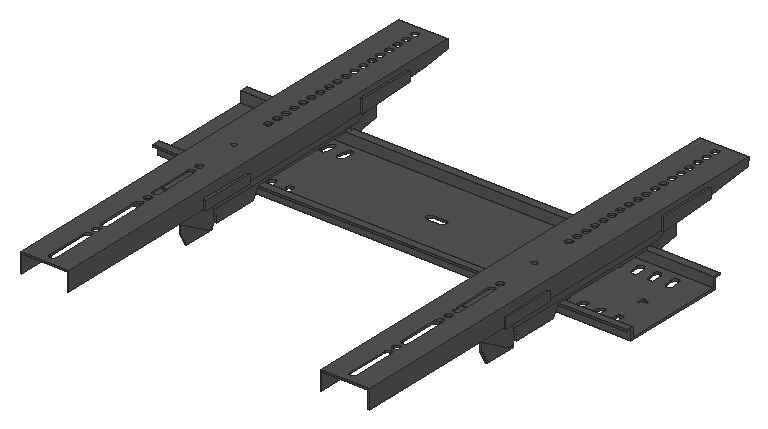
Revit family "Display_Mount-Wall-Vogels-PFW6410", category Specialty Equipment, host Face, Revit 2019
Family settings
  Host = Face
  Round Connector Dimension = Use Diameter
  Part Type = Normal
  Cut with Voids When Loaded = No
  Shared = No
  Room Calculation Point = No
Parameters (values of type "PFW 6410")
  Width = 21.65"
  Support Top Offset = 7.84"  # constant formula
  Distance Between Strips [instance] = 13.73"
  Angle Top [instance] = if([5º Tilt], 24.54°, if([10º Tilt], 43.55°, if([15º Tilt], 55.51°, 0.00°)))  # 0.00°
  URL = "https://www.vogels.com/en/p/pfw-6410-display-wall-mount-tilt"
  Rail Width = 5.35"  # constant formula
  Product Material = Metal - Painted - Vogels - Black
  Pivot Horizontal Offset [instance] = if([5º Tilt], 2.56", if([10º Tilt], 3.06", if([15º Tilt], 3.08", 1.45")))  # 1.45"
  Model = "PFW 6410"  # constant formula
  Minimum Screen Size Inches = 46.00"  # constant formula
  Maximum Weight Load = 75 kg  # constant formula
  Maximum Screen Size Inches = 65.00"  # constant formula
  Manufacturer = "Vogel´s"  # constant formula
  Pivot Vertical Offset [instance] = if([5º Tilt], 7.10", if([10º Tilt], 6.27", if([15º Tilt], 5.54", 7.51")))  # 7.51"
  Height = 21.65354"
  Description = "Display Wall Mount Tilt. Tilt in 0°, 5°, 10° and 15° Increments"
  Depth = 2.04493"
  Default Elevation = 48.00"
  Angle Bottom [instance] = if([5º Tilt], 41.70°, if([10º Tilt], 75.99°, if([15º Tilt], 101.51°, 0.00°)))  # 0.00°
  Angle [instance] = if([5º Tilt], 5.00°, if([10º Tilt], 10.00°, if([15º Tilt], 15.00°, 0.00°)))  # 0.00°
  5º Tilt [instance] = no
  15º Tilt [instance] = no
  0º Tilt [instance] = yes
  10º Tilt [instance] = no
Reference planes (in)
  plane 1 "Center (Front/Back)": y = 0
  plane 2: z = 0
  plane 3 "Center (Left/Right)": x = 0
  plane 4: x = -10.825
  plane 5: x = 10.825
  plane 6: x = -6.865
  plane 7: x = 6.865
  plane 8: z = 2.04493
  plane 9: y = 2.675
  plane 10: y = -2.675
  plane 11 "Pivot Plane Horizontal": z = 1.45
  plane 12 "Pivot Plane Vertical": y = -7.51
  plane 13: y = -13.81354
  plane 14: y = 7.84
  plane 15: y = 3.18993
  plane 16 "Anchor Pivot Plane": z = 1.45662
  plane 17: y = -5.86535
Forms (in)
  Extrusion 1, solid, material "Metal - Painted - Vogels - Black" <- "Product Material"
    sketch origin (0, 0, 0) x (0, 1, 0) y (0, 0, 1)
      loop
        line (2.39941, 0) -> (2.39941, 0.47244) -> (2.675, 0.47244) -> (2.675, 0.55118) -> (2.32067, 0.55118) -> (2.32067, 0.07874) -> (-2.32067, 0.07874) -> (-2.32067, 0.55118) -> (-2.675, 0.55118) -> (-2.675, 0.47244) -> (-2.39941, 0.47244) -> (-2.39941, 0) -> (2.39941, 0)
    from -10.825 to 10.825
  Sweep 2, void
    path origin (0, -4.15176, 0) x (-1, 0, 0) y (0, 0, 1)
      loop
        line (0, 1.45) -> (0, 0)
    profile origin (0, -4.15176, 0.725) x (0, 1, 0) y (-1, 0, 0)
      loop
        line (4.15628, 9.65785) -> (3.9988, 9.34289) -> (4.31376, 9.34289) -> (4.15628, 9.65785)
      loop
        line (6.03112, 8.78251) -> (5.64222, 8.85305)
        arc (5.64222, 8.85305) -> (5.4575, 8.72371) -> (5.58683, 8.53899) r 0.15945
        line (5.58683, 8.53899) -> (5.97421, 8.46873)
        arc (5.97421, 8.46873) -> (6.15956, 8.59716) -> (6.03112, 8.78251) r 0.15945
      loop
        line (6.0343, 7.99685) -> (5.64539, 8.06739)
        arc (5.64539, 8.06739) -> (5.46067, 7.93805) -> (5.59, 7.75333) r 0.15945
        line (5.59, 7.75333) -> (5.97738, 7.68307)
        arc (5.97738, 7.68307) -> (6.16273, 7.8115) -> (6.0343, 7.99685) r 0.15945
      loop
        line (6.03801, 7.21139) -> (5.6491, 7.28193)
        arc (5.6491, 7.28193) -> (5.46438, 7.1526) -> (5.59372, 6.96788) r 0.15945
        line (5.59372, 6.96788) -> (5.9811, 6.89761)
        arc (5.9811, 6.89761) -> (6.16644, 7.02605) -> (6.03801, 7.21139) r 0.15945
      loop
        line (6.03801, 6.42399) -> (5.6491, 6.49453)
        arc (5.6491, 6.49453) -> (5.46438, 6.36519) -> (5.59372, 6.18047) r 0.15945
        line (5.59372, 6.18047) -> (5.9811, 6.11021)
        arc (5.9811, 6.11021) -> (6.16644, 6.23864) -> (6.03801, 6.42399) r 0.15945
      loop
        line (6.03801, 5.63659) -> (5.6491, 5.70713)
        arc (5.6491, 5.70713) -> (5.46438, 5.57779) -> (5.59372, 5.39307) r 0.15945
        line (5.59372, 5.39307) -> (5.9811, 5.32281)
        arc (5.9811, 5.32281) -> (6.16644, 5.45124) -> (6.03801, 5.63659) r 0.15945
      loop
        line (6.02898, 9.59172) -> (5.64007, 9.66226)
        arc (5.64007, 9.66226) -> (5.45535, 9.53293) -> (5.58469, 9.34821) r 0.15945
        line (5.58469, 9.34821) -> (5.97207, 9.27794)
        arc (5.97207, 9.27794) -> (6.15741, 9.40638) -> (6.02898, 9.59172) r 0.15945
      loop
        line (4.15628, -9.65785) -> (4.31376, -9.34289) -> (3.9988, -9.34289) -> (4.15628, -9.65785)
      loop
        line (4.31121, -0.29528) -> (4.31121, 0.29528)
        arc (4.31121, 0.29528) -> (4.15176, 0.45472) -> (3.99231, 0.29528) r 0.15945
        line (3.99231, 0.29528) -> (3.99231, -0.29528)
        arc (3.99231, -0.29528) -> (4.15176, -0.45472) -> (4.31121, -0.29528) r 0.15945
      loop
        arc (2.2724, 8.78251) -> (2.14397, 8.59716) -> (2.32932, 8.46873) r 0.15945
        line (2.32932, 8.46873) -> (2.7167, 8.53899)
        arc (2.7167, 8.53899) -> (2.84603, 8.72371) -> (2.66131, 8.85305) r 0.15945
        line (2.66131, 8.85305) -> (2.2724, 8.78251)
      loop
        arc (2.26923, 7.99685) -> (2.1408, 7.8115) -> (2.32614, 7.68307) r 0.15945
        line (2.32614, 7.68307) -> (2.71352, 7.75333)
        arc (2.71352, 7.75333) -> (2.84286, 7.93805) -> (2.65814, 8.06739) r 0.15945
        line (2.65814, 8.06739) -> (2.26923, 7.99685)
      loop
        arc (2.26552, 7.21139) -> (2.13709, 7.02605) -> (2.32243, 6.89761) r 0.15945
        line (2.32243, 6.89761) -> (2.70981, 6.96788)
        arc (2.70981, 6.96788) -> (2.83914, 7.1526) -> (2.65442, 7.28193) r 0.15945
        line (2.65442, 7.28193) -> (2.26552, 7.21139)
      loop
        arc (2.26552, 6.42399) -> (2.13709, 6.23864) -> (2.32243, 6.11021) r 0.15945
        line (2.32243, 6.11021) -> (2.70981, 6.18047)
        arc (2.70981, 6.18047) -> (2.83914, 6.36519) -> (2.65442, 6.49453) r 0.15945
        line (2.65442, 6.49453) -> (2.26552, 6.42399)
      loop
        arc (2.26552, 5.63659) -> (2.13709, 5.45124) -> (2.32243, 5.32281) r 0.15945
        line (2.32243, 5.32281) -> (2.70981, 5.39307)
        arc (2.70981, 5.39307) -> (2.83914, 5.57779) -> (2.65442, 5.70713) r 0.15945
        line (2.65442, 5.70713) -> (2.26552, 5.63659)
      loop
        arc (2.27455, 9.59172) -> (2.14611, 9.40638) -> (2.33146, 9.27794) r 0.15945
        line (2.33146, 9.27794) -> (2.71884, 9.34821)
        arc (2.71884, 9.34821) -> (2.84817, 9.53293) -> (2.66345, 9.66226) r 0.15945
        line (2.66345, 9.66226) -> (2.27455, 9.59172)
      loop
        arc (6.03112, -8.78251) -> (6.15956, -8.59716) -> (5.97421, -8.46873) r 0.15945
        line (5.97421, -8.46873) -> (5.58683, -8.53899)
        arc (5.58683, -8.53899) -> (5.4575, -8.72371) -> (5.64222, -8.85305) r 0.15945
        line (5.64222, -8.85305) -> (6.03112, -8.78251)
      loop
        arc (6.0343, -7.99685) -> (6.16273, -7.8115) -> (5.97738, -7.68307) r 0.15945
        line (5.97738, -7.68307) -> (5.59, -7.75333)
        arc (5.59, -7.75333) -> (5.46067, -7.93805) -> (5.64539, -8.06739) r 0.15945
        line (5.64539, -8.06739) -> (6.0343, -7.99685)
      loop
        arc (6.03801, -7.21139) -> (6.16644, -7.02605) -> (5.9811, -6.89761) r 0.15945
        line (5.9811, -6.89761) -> (5.59372, -6.96788)
        arc (5.59372, -6.96788) -> (5.46438, -7.1526) -> (5.6491, -7.28193) r 0.15945
        line (5.6491, -7.28193) -> (6.03801, -7.21139)
      loop
        arc (6.03801, -6.42399) -> (6.16644, -6.23864) -> (5.9811, -6.11021) r 0.15945
        line (5.9811, -6.11021) -> (5.59372, -6.18047)
        arc (5.59372, -6.18047) -> (5.46438, -6.36519) -> (5.6491, -6.49453) r 0.15945
        line (5.6491, -6.49453) -> (6.03801, -6.42399)
      loop
        arc (6.03801, -5.63659) -> (6.16644, -5.45124) -> (5.9811, -5.32281) r 0.15945
        line (5.9811, -5.32281) -> (5.59372, -5.39307)
        arc (5.59372, -5.39307) -> (5.46438, -5.57779) -> (5.6491, -5.70713) r 0.15945
        line (5.6491, -5.70713) -> (6.03801, -5.63659)
      loop
        arc (6.02898, -9.59172) -> (6.15741, -9.40638) -> (5.97207, -9.27794) r 0.15945
        line (5.97207, -9.27794) -> (5.58469, -9.34821)
        arc (5.58469, -9.34821) -> (5.45535, -9.53293) -> (5.64007, -9.66226) r 0.15945
        line (5.64007, -9.66226) -> (6.02898, -9.59172)
      loop
        line (2.2724, -8.78251) -> (2.66131, -8.85305)
        arc (2.66131, -8.85305) -> (2.84603, -8.72371) -> (2.7167, -8.53899) r 0.15945
        line (2.7167, -8.53899) -> (2.32932, -8.46873)
        arc (2.32932, -8.46873) -> (2.14397, -8.59716) -> (2.2724, -8.78251) r 0.15945
      loop
        line (2.26923, -7.99685) -> (2.65814, -8.06739)
        arc (2.65814, -8.06739) -> (2.84286, -7.93805) -> (2.71352, -7.75333) r 0.15945
        line (2.71352, -7.75333) -> (2.32614, -7.68307)
        arc (2.32614, -7.68307) -> (2.1408, -7.8115) -> (2.26923, -7.99685) r 0.15945
      loop
        line (2.26552, -7.21139) -> (2.65442, -7.28193)
        arc (2.65442, -7.28193) -> (2.83914, -7.1526) -> (2.70981, -6.96788) r 0.15945
        line (2.70981, -6.96788) -> (2.32243, -6.89761)
        arc (2.32243, -6.89761) -> (2.13709, -7.02605) -> (2.26552, -7.21139) r 0.15945
      loop
        line (2.26552, -6.42399) -> (2.65442, -6.49453)
        arc (2.65442, -6.49453) -> (2.83914, -6.36519) -> (2.70981, -6.18047) r 0.15945
        line (2.70981, -6.18047) -> (2.32243, -6.11021)
        arc (2.32243, -6.11021) -> (2.13709, -6.23864) -> (2.26552, -6.42399) r 0.15945
      loop
        line (2.26552, -5.63659) -> (2.65442, -5.70713)
        arc (2.65442, -5.70713) -> (2.83914, -5.57779) -> (2.70981, -5.39307) r 0.15945
        line (2.70981, -5.39307) -> (2.32243, -5.32281)
        arc (2.32243, -5.32281) -> (2.13709, -5.45124) -> (2.26552, -5.63659) r 0.15945
      loop
        line (2.27455, -9.59172) -> (2.66345, -9.66226)
        arc (2.66345, -9.66226) -> (2.84817, -9.53293) -> (2.71884, -9.34821) r 0.15945
        line (2.71884, -9.34821) -> (2.33146, -9.27794)
        arc (2.33146, -9.27794) -> (2.14611, -9.40638) -> (2.27455, -9.59172) r 0.15945
Cuts and joins
  Sweep 2 cuts Extrusion 1
Lines and regions (in)
  reference lines
    curve 1: line (0, -7.51, 1.45) -> (0, -2.51, 1.45)
    curve 2: line (0, -7.51, 1.45) -> (0, -7.51, 6.45)
    curve 3: line (0, 3.18993, 1.45662) -> (0, -0.85973, 1.45662)
    curve 4: line (0, 3.18993, 1.45662) -> (0, 3.18993, 3.16035)
    curve 5: line (0, -5.86535, 1.45662) -> (0, -8.40309, 1.45662)
    curve 6: line (0, -5.86535, 1.45662) -> (0, -5.86535, 3.70662)
Dimensions and locks (in)
  equal spacing: plane 4, plane 3 "Center (Left/Right)", plane 5
  "Width": plane 4 to plane 5
  "Depth": plane 8 to plane 2
  equal spacing: plane 9, plane 1 "Center (Front/Back)", plane 10
  "Rail Width": plane 9 to plane 10
  locked: plane 1 "Center (Front/Back)" to plane 14 at 7.84
  "Height": plane 13 to plane 14
  Extrusion 1 sketch curve to Extrusion 1 sketch curve to plane 10 = 0.07874" locked, 0.27559" locked
  plane 9 to Extrusion 1 sketch curve to Extrusion 1 sketch curve = 0.27559" locked, 0.07874" locked
  "Pivot Vertical Offset": plane 1 "Center (Front/Back)" to plane 12 "Pivot Plane Vertical"
  "Pivot Horizontal Offset": plane 11 "Pivot Plane Horizontal" to plane 2
  locked: plane 2 to plane 16 "Anchor Pivot Plane" at 1.45662
  plane 15 to plane 1 "Center (Front/Back)" to plane 17 = 3.18993" locked, 5.86535" locked
  equal spacing: plane 6, plane 3 "Center (Left/Right)", plane 7
  "Distance Between Strips": plane 6 to plane 7
  locked: curve 1 to curve 2 (angle 90.00°)
  "Angle": angle plane 11 "Pivot Plane Horizontal" to curve 1
  "Angle Top": angle plane 16 "Anchor Pivot Plane" to curve 3
  locked: curve 3 to curve 4 (angle 90.00°)
  "Angle Bottom": angle plane 16 "Anchor Pivot Plane" to curve 5
  locked: curve 5 to curve 6 (angle 90.00°)
  aligned and locked: plane 2 to host face
  aligned and locked: level to host face
  aligned and locked: Extrusion 1 to plane 4
  aligned and locked: Extrusion 1 to plane 5
  aligned and locked: plane 7 to nested 1
  aligned and locked: nested 2 to plane 6
  aligned and locked: nested 3 to plane 6
  aligned and locked: plane 7 to nested 4
  aligned and locked: plane 3 "Center (Left/Right)" to Sweep 2 sketch curve
  aligned and locked: plane 11 "Pivot Plane Horizontal" to Sweep 2 sketch curve
  aligned and locked: plane 2 to Sweep 2 sketch curve
  aligned and locked: plane 9 to Extrusion 1 sketch curve
  aligned and locked: Extrusion 1 sketch curve to plane 10
  aligned and locked: plane 15 to curve 3
  aligned and locked: plane 16 "Anchor Pivot Plane" to curve 3
  aligned and locked: plane 16 "Anchor Pivot Plane" to curve 6
  aligned and locked: plane 17 to curve 6
  aligned and locked: nested 5 to curve 4
  aligned and locked: curve 6 to nested 6
  aligned and locked: nested 5 to plane 6
  aligned and locked: nested 6 to plane 6
  aligned and locked: nested 7 to curve 4
  aligned and locked: curve 6 to nested 8
  aligned and locked: plane 7 to nested 7
  aligned and locked: plane 7 to nested 8
  aligned and locked: plane 12 "Pivot Plane Vertical" to curve 2
  aligned and locked: nested 2 to curve 2
  aligned and locked: plane 11 "Pivot Plane Horizontal" to curve 1
Automatic sketch dimensions
  host sketch curve to host sketch curve = 96.00"  (x2)
  Extrusion 1 sketch curve to level = 0.00"
  level to Extrusion 1 sketch curve = 0.07874"
  Extrusion 1 sketch curve to Extrusion 1 sketch curve = 0.3937"
  level to Extrusion 1 sketch curve = 0.47244"
  Extrusion 1 sketch curve to Extrusion 1 sketch curve = 0.07874"  (x2)
  profile plane to Sweep 2 sketch curve = 2.26552"  (x2)
  Sweep 2 sketch curve to Sweep 2 sketch curve = 0.00"  (x8)
  Sweep 2 sketch curve to Sweep 2 sketch curve = 0.00371"  (x6)
  Sweep 2 sketch curve to Sweep 2 sketch curve = 0.00317"  (x4)
  Sweep 2 sketch curve to Sweep 2 sketch curve = 0.00214"  (x4)
  Sweep 2 sketch curve to Sweep 2 sketch curve = 0.02846"  (x48)
  Sweep 2 sketch curve to Sweep 2 sketch curve = 0.38891"  (x12)
  Sweep 2 sketch curve to Sweep 2 sketch curve = 0.02769"  (x48)
  profile plane to Sweep 2 sketch curve = 0.29528"
  profile plane to Sweep 2 sketch curve = 3.99231"
  Sweep 2 sketch curve to Sweep 2 sketch curve = 1.27996"  (x2)
  Sweep 2 sketch curve to Sweep 2 sketch curve = 0.15945"
  Sweep 2 sketch curve to Sweep 2 sketch curve = 0.15748"  (x2)
  Sweep 2 sketch curve to Sweep 2 sketch curve = 0.31496"  (x4)
  Sweep 2 sketch curve to Sweep 2 sketch curve = 1.27092"  (x2)
  Sweep 2 sketch curve to Sweep 2 sketch curve = 0.38738"  (x12)
  Sweep 2 sketch curve to Sweep 2 sketch curve = 5.02753"  (x2)
  Sweep 2 sketch curve to Sweep 2 sketch curve = 0.07026"  (x24)
  Sweep 2 sketch curve to Sweep 2 sketch curve = 0.15689"  (x24)
  Sweep 2 sketch curve to Sweep 2 sketch curve = 0.15703"  (x24)
  Sweep 2 sketch curve to Sweep 2 sketch curve = 0.47362"  (x8)
  Sweep 2 sketch curve to Sweep 2 sketch curve = 0.47168"  (x4)
  Sweep 2 sketch curve to Sweep 2 sketch curve = 0.47188"  (x4)
  Sweep 2 sketch curve to Sweep 2 sketch curve = 0.49544"  (x4)
  Sweep 2 sketch curve to Sweep 2 sketch curve = 0.48984"  (x2)
  Sweep 2 sketch curve to profile plane = 0.29528"
Nested families (in)
  nested 1: "Display_Mount-Wall-Vogels-PFW6410-Tilt_Bracket" at (6.865, -7.51, 1.45), Product Material <- "Product Material", type "Tilt Bracket"
    with Product Material Metal - Painted - Vogels - Black
  nested 2: "Display_Mount-Wall-Vogels-PFW6410-Tilt_Bracket" at (-6.865, -7.51, 1.45), Product Material <- "Product Material", type "Tilt Bracket"
    with Product Material Metal - Painted - Vogels - Black
  nested 3: "Display_Mount-Wall-Vogels-PFW6410-Support_Bracket" at (-6.865, -0.00472, 0), Product Material <- "Product Material", type "Support"
    with Product Material Metal - Painted - Vogels - Black
  nested 4: "Display_Mount-Wall-Vogels-PFW6410-Support_Bracket" at (6.865, -0.00472, 0), Product Material <- "Product Material", type "Support"
    with Product Material Metal - Painted - Vogels - Black
  nested 5: "Display_Mount-Wall-Vogels-PFW6410-Upper_Pivot" at (-6.865, 3.18993, 1.45662), Product Material <- "Product Material", type "Upper Pivot Anchor"
    with Product Material Metal - Painted - Vogels - Black
  nested 6: "Display_Mount-Wall-Vogels-PFW6410-Lower_Pivot" at (-6.865, -5.86535, 1.45662), Product Material <- "Product Material", type "Lower Pivot Anchor"
    with Product Material Metal - Painted - Vogels - Black
  nested 7: "Display_Mount-Wall-Vogels-PFW6410-Upper_Pivot" at (6.865, 3.18993, 1.45662), Product Material <- "Product Material", type "Upper Pivot Anchor"
    with Product Material Metal - Painted - Vogels - Black
  nested 8: "Display_Mount-Wall-Vogels-PFW6410-Lower_Pivot" at (6.865, -5.86535, 1.45662), Product Material <- "Product Material", type "Lower Pivot Anchor"
    with Product Material Metal - Painted - Vogels - Black
Definition of nested family "Display_Mount-Wall-Vogels-PFW6410-Tilt_Bracket"
  Parameters (values of type "Tilt Bracket")
    Default Elevation = 48.00"
    Product Material [instance] = none
  Reference planes (in)
    plane 1 "Center (Front/Back)": y = 0
    plane 2: z = 0
    plane 3 "Center (Left/Right)": x = 0
    plane 4 "Display Plane": z = 0.59055
    plane 5: y = 15.35433
    plane 6: y = -6.29921
    plane 7: x = -1.11417
    plane 8: x = 1.11417
    plane 9: z = -0.26575
    plane 10: y = 6.65354
  Forms (in)
    Sweep 1, solid, material <- "Product Material"
      path origin (0, 0, 0) x (1, 0, 0) y (0, 1, 0)
        loop
          line (0, 15.35433) -> (0, -6.29921)
      profile origin (0, 4.52756, 0) x (1, 0, 0) y (0, 0, 1)
        loop
          line (-1.11417, 0.59055) -> (-1.11417, -0.26575) -> (-1.05512, -0.26575) -> (-1.05512, 0.5315) -> (1.05512, 0.5315) -> (1.05512, -0.26575) -> (1.11417, -0.26575) -> (1.11417, 0.59055) -> (-1.11417, 0.59055)
    Extrusion 2, void
      sketch origin (0, 0, 0) x (0, 1, 0) y (0, 0, 1)
        loop
          line (15.35433, 0.16782) -> (14.14792, 0.04103)
          arc (14.14792, 0.04103) -> (11.22514, -0.189) -> (8.29433, -0.26575) r 56
          line (8.29433, -0.26575) -> (15.35433, -0.26575) -> (15.35433, 0.16782)
      from -1.6186 to 1.54871
    Extrusion 3, void
      sketch origin (0, 0, 0) x (1, 0, 0) y (0, 1, 0)
        loop
          line (-0.15748, 4.52756) -> (0, 4.40945) -> (0.15748, 4.52756) -> (0, 4.64567) -> (-0.15748, 4.52756)
        loop
          circle (0, 14.86278) r 0.16073
        loop
          circle (0, 14.37086) r 0.16073
        loop
          circle (0, 13.87894) r 0.16073
        loop
          circle (0, 13.38701) r 0.16073
        loop
          circle (0, 12.89509) r 0.16073
        loop
          circle (0, 12.40317) r 0.16073
        loop
          circle (0, 11.91125) r 0.16073
        loop
          circle (0, 11.41932) r 0.16073
        loop
          circle (0, 10.9274) r 0.16073
        loop
          circle (0, 10.43548) r 0.16073
        loop
          circle (0, 9.94355) r 0.16073
        loop
          circle (0, 9.45163) r 0.16073
        loop
          circle (0, 8.95971) r 0.16073
        loop
          circle (0, 8.46779) r 0.16073
        loop
          circle (0, 7.97586) r 0.16073
        loop
          circle (0, 7.48394) r 0.16073
        loop
          circle (0, 6.99202) r 0.16073
        loop
          circle (0, 6.50009) r 0.16073
        loop
          circle (0, 2.5591) r 0.16073
        loop
          arc (0.16073, 2.06718) -> (0, 2.22791) -> (-0.16073, 2.06718) r 0.16073
          line (-0.16073, 2.06718) -> (-0.16073, 0.09761)
          arc (-0.16073, 0.09761) -> (0, -0.06312) -> (0.16073, 0.09761) r 0.16073
          line (0.16073, 0.09761) -> (0.16073, 2.06718)
        loop
          circle (0, -0.39431) r 0.16073
        loop
          arc (0.16073, -0.88623) -> (0, -0.7255) -> (-0.16073, -0.88623) r 0.16073
          line (-0.16073, -0.88623) -> (-0.16073, -2.8558)
          arc (-0.16073, -2.8558) -> (0, -3.01653) -> (0.16073, -2.8558) r 0.16073
          line (0.16073, -2.8558) -> (0.16073, -0.88623)
        loop
          circle (0, -3.34772) r 0.16073
        loop
          arc (0.16073, -3.83964) -> (0, -3.67891) -> (-0.16073, -3.83964) r 0.16073
          line (-0.16073, -3.83964) -> (-0.16073, -5.80921)
          arc (-0.16073, -5.80921) -> (0, -5.96994) -> (0.16073, -5.80921) r 0.16073
          line (0.16073, -5.80921) -> (0.16073, -3.83964)
      from 0 to 0.59055
    Extrusion 4, solid, material <- "Product Material"
      sketch origin (0, 0, 0) x (1, 0, 0) y (0, 1, 0)
        loop
          line (-1.25197, 13.01181) -> (-1.25197, 10.33465) -> (-1.11417, 10.33465) -> (-1.11417, 13.01181) -> (-1.25197, 13.01181)
        loop
          line (1.25197, 13.01181) -> (1.11417, 13.01181) -> (1.11417, 10.33465) -> (1.25197, 10.33465) -> (1.25197, 13.01181)
      from -0.26575 to 0.37402
    Extrusion 5, solid, material <- "Product Material"
      sketch origin (0, 0, 0) x (1, 0, 0) y (0, 1, 0)
        loop
          line (-1.23228, 3.85868) -> (-1.23228, 1.36207) -> (-1.11417, 1.36207) -> (-1.11417, 3.85868) -> (-1.23228, 3.85868)
        loop
          line (1.23228, 3.85868) -> (1.11417, 3.85868) -> (1.11417, 1.36207) -> (1.23228, 1.36207) -> (1.23228, 3.85868)
      from -0.26575 to 0.16732
  Cuts and joins
    Extrusion 2, Extrusion 3 cuts Sweep 1
    Extrusion 2 cuts Extrusion 4
    joined: Sweep 1, Extrusion 4, Extrusion 5
  Dimensions and locks (in)
    locked: plane 6 to plane 1 "Center (Front/Back)" at 6.29921
    locked: plane 6 to plane 5 at 21.65354
    equal spacing: plane 8, plane 3 "Center (Left/Right)", plane 7
    plane 8 to plane 7 = 2.22835"
    locked: plane 10 to plane 1 "Center (Front/Back)" at 6.65354
    aligned and locked: level to plane 2
    aligned and locked: Sweep 1 sketch curve to plane 3 "Center (Left/Right)"
    aligned and locked: plane 5 to Sweep 1 sketch curve
    aligned and locked: plane 6 to Sweep 1 sketch curve
    aligned and locked: Sweep 1 sketch curve to plane 4 "Display Plane"
    aligned and locked: plane 7 to Sweep 1 sketch curve
    aligned and locked: plane 8 to Sweep 1 sketch curve
    aligned and locked: plane 9 to Sweep 1 sketch curve  (x2)
    aligned and locked: plane 4 "Display Plane" to Extrusion 3
    aligned and locked: Extrusion 3 to level
    aligned and locked: Extrusion 4 sketch curve to plane 7
    aligned and locked: plane 8 to Extrusion 4 sketch curve
    aligned and locked: Extrusion 4 to plane 9
    aligned and locked: plane 5 to Extrusion 2 sketch curve
  Automatic sketch dimensions
    Sweep 1 sketch curve to Sweep 1 sketch curve = 0.05906"  (x3)
    Extrusion 2 sketch curve to plane 9 = 0.00"  (x2)
    level to Extrusion 2 sketch curve = 0.04103"
    plane 5 to Extrusion 2 sketch curve = 1.20641"
    plane 5 to Extrusion 2 sketch curve = 7.06"
    level to Extrusion 2 sketch curve = 0.16782"
    Extrusion 2 sketch curve to Extrusion 2 sketch curve = 0.00"
    Extrusion 3 sketch curve to plane 3 "Center (Left/Right)" = 0.00"  (x26)
    Extrusion 3 sketch curve to plane 3 "Center (Left/Right)" = 0.15748"
    Extrusion 3 sketch curve to plane 3 "Center (Left/Right)" = 0.16073"  (x3)
    plane 3 "Center (Left/Right)" to Extrusion 3 sketch curve = 0.15748"
    Extrusion 3 sketch curve to plane 6 = 0.49001"
    Extrusion 3 sketch curve to Extrusion 3 sketch curve = 1.96956"  (x2)
    Extrusion 3 sketch curve to Extrusion 3 sketch curve = 0.49192"  (x19)
    plane 1 "Center (Front/Back)" to Extrusion 3 sketch curve = 0.88623"
    plane 1 "Center (Front/Back)" to Extrusion 3 sketch curve = 0.39431"
    Extrusion 3 sketch curve to plane 1 "Center (Front/Back)" = 0.09761"
    Extrusion 3 sketch curve to Extrusion 3 sketch curve = 1.85035"
    Extrusion 3 sketch curve to Extrusion 3 sketch curve = 0.11811"  (x3)
    Extrusion 3 sketch curve to Extrusion 3 sketch curve = 1.85443"
    plane 5 to Extrusion 3 sketch curve = 0.49155"
    Extrusion 4 sketch curve to plane 7 = 0.1378"
    Extrusion 4 sketch curve to plane 8 = 0.1378"
    plane 5 to Extrusion 4 sketch curve = 5.01969"
    Extrusion 4 sketch curve to Extrusion 4 sketch curve = 0.00"
    plane 5 to Extrusion 4 sketch curve = 2.34252"  (x2)
    Extrusion 5 sketch curve to plane 7 = 0.00"
    Extrusion 5 sketch curve to plane 8 = 0.00"
    Extrusion 5 sketch curve to plane 7 = 0.11811"
    Extrusion 5 sketch curve to plane 8 = 0.11811"
    Extrusion 5 sketch curve to plane 1 "Center (Front/Back)" = 1.36207"  (x2)
    Extrusion 5 sketch curve to Extrusion 5 sketch curve = 2.49661"
    Extrusion 5 sketch curve to Extrusion 5 sketch curve = 0.00"
    radius of Extrusion 3 sketch curve = 0.16073"  (x21)
Definition of nested family "Display_Mount-Wall-Vogels-PFW6410-Support_Bracket"
  Parameters (values of type "Support")
    URL = ""
    Product Material [instance] = none
    Model = ""
    Manufacturer = ""
    Description = ""
    Default Elevation = 48.00"
  Reference planes (in)
    plane 1 "Center (Front/Back)": y = 0
    plane 2: z = 0
    plane 3 "Center (Left/Right)": x = 0
    plane 4: x = -0.95669
    plane 5: x = 0.95669
    plane 6: z = 1.77165
    plane 7: z = 1.45438
    plane 8 "Pivot Plane Vertical 2": y = -5.86063
    plane 9 "Pivot Plane Vertical 1": y = 3.19465
  Forms (in)
    Extrusion 1, solid
      sketch origin (0, 0, 0) x (1, 0, 0) y (0, 1, 0)
        loop
          line (-48, 48) -> (-48, -48) -> (48, -48) -> (48, 48) -> (-48, 48)
      from 0 to -12
    Extrusion 2, solid, material <- "Product Material"
      sketch origin (0, 0, 0) x (0, 1, 0) y (0, 0, 1)
        loop
          line (2.89937, 0.76772) -> (3.58835, 1.1655) -> (3.58835, 1.45669)
          arc (3.58835, 1.45669) -> (3.4961, 1.6794) -> (3.27339, 1.77165) r 0.31496
          line (3.27339, 1.77165) -> (3.00296, 1.77165) -> (2.88566, 1.67323) -> (-6.76598, 1.67323) -> (-6.76598, 1.7126) -> (-7.19905, 1.7126) -> (-7.19905, 0.59055) -> (-6.8581, 0) -> (-5.4274, 0) -> (-5.4274, 0.76772) -> (2.89937, 0.76772)
      from -0.95669 to 0.95669
    Extrusion 3, solid, material <- "Product Material"
      sketch origin (0, 0, 0) x (1, 0, 0) y (0, 0, 1)
        loop
          line (0.95669, 1.77165) -> (-0.95669, 1.77165) -> (-0.95669, 1.67323) -> (-0.89764, 1.67323) -> (-0.89764, 1.7126) -> (0.89764, 1.7126) -> (0.89764, 1.67323) -> (0.95669, 1.67323) -> (0.95669, 1.77165)
      from -2.44662 to 6.6085
    Extrusion 4, void
      sketch origin (0, 0, 0) x (1, 0, 0) y (0, 0, 1)
        loop
          line (-0.89764, 0) -> (0.89764, 0) -> (0.89764, 1.77165) -> (-0.89764, 1.77165) -> (-0.89764, 0)
      from 0 to 7.19905
    Extrusion 5, solid, material <- "Product Material"
      sketch origin (0, 0, 0) x (0, 1, 0) y (0, 0, 1)
        loop
          line (4.01181, 0.41941) -> (4.01181, 1.77165) -> (2.67717, 1.77165) -> (2.59843, 1.69291) -> (0.90779, 1.69291) -> (0.48456, 1.26969) -> (-4.92021, 1.26969) -> (-5.25753, 1.32916) -> (-5.39637, 0.54176) -> (-5.05906, 0.48228) -> (-5.05906, 0.07874) -> (-3.01411, 0.07874) -> (-2.72998, 0.57087) -> (2.33071, 0.57087) -> (2.33071, 0.66929) -> (2.67717, 0.66929) -> (2.67717, 0.4682) -> (2.50787, 0.43701) -> (2.50787, 0.2417)
          arc (2.50787, 0.2417) -> (2.53625, 0.18346) -> (2.59895, 0.16713) r 0.07748
          line (2.59895, 0.16713) -> (4.01181, 0.41941)
      from -0.87795 to 0.87795
  Cuts and joins
    Extrusion 4 cuts Extrusion 2
    joined: Extrusion 2, Extrusion 3, Extrusion 5
  Lines and regions (in)
    symbolic lines
      curve 1: line (0, -6.32813, 0.5339) -> (0, -6.53285, 0.5339)
      curve 2: line (0, -6.43049, 0.63627) -> (0, -6.43049, 0.43154)
      curve 3: line (0, -6.74797, 1.01579) -> (0, -6.9527, 1.01579)
      curve 4: line (0, -6.85034, 1.11816) -> (0, -6.85034, 0.91343)
      curve 5: line (0, -6.84035, 1.48509) -> (0, -7.04507, 1.48509)
      curve 6: line (0, -6.94271, 1.58745) -> (0, -6.94271, 1.38272)
  Dimensions and locks (in)
    equal spacing: plane 4, plane 3 "Center (Left/Right)", plane 5
    locked: plane 4 to plane 5 at 1.91339
    equal spacing: Extrusion 4 sketch curve, plane 3 "Center (Left/Right)", Extrusion 4 sketch curve
    locked: Extrusion 4 sketch curve to Extrusion 4 sketch curve at 1.79528
    locked: plane 1 "Center (Front/Back)" to plane 8 "Pivot Plane Vertical 2" at 5.86063
    aligned and locked: plane 2 to Extrusion 1
    aligned and locked: level to Extrusion 1
    aligned and locked: plane 2 to Extrusion 2 sketch curve
    aligned and locked: Extrusion 4 sketch curve to plane 2
    aligned and locked: plane 6 to Extrusion 5 sketch curve
    aligned and locked: Extrusion 3 sketch curve to plane 4
    aligned and locked: plane 5 to Extrusion 3 sketch curve
    aligned and locked: Extrusion 4 to Extrusion 2
  Automatic sketch dimensions
    Extrusion 1 sketch curve to Extrusion 1 sketch curve = 96.00"  (x2)
    Extrusion 4 sketch curve to Extrusion 4 sketch curve = 1.77165"
    Extrusion 5 sketch curve to plane 8 "Pivot Plane Vertical 2" = 0.46426"
    plane 7 to Extrusion 5 sketch curve = 0.12521"
    Extrusion 5 sketch curve to Extrusion 5 sketch curve = 2.04495"
    level to Extrusion 5 sketch curve = 0.07874"
    plane 6 to Extrusion 5 sketch curve = 0.07874"
    Extrusion 5 sketch curve to Extrusion 5 sketch curve = 0.17717"
    plane 9 "Pivot Plane Vertical 1" to Extrusion 5 sketch curve = 0.59622"
    Extrusion 5 sketch curve to Extrusion 5 sketch curve = 0.07746"
    level to Extrusion 5 sketch curve = 0.16713"
    Extrusion 5 sketch curve to Extrusion 5 sketch curve = 0.01362"
    Extrusion 5 sketch curve to Extrusion 5 sketch curve = 0.07627"
    Extrusion 5 sketch curve to Extrusion 5 sketch curve = 0.19531"
    Extrusion 5 sketch curve to Extrusion 5 sketch curve = 0.05948"
    Extrusion 5 sketch curve to Extrusion 5 sketch curve = 0.16929"
    Extrusion 5 sketch curve to Extrusion 5 sketch curve = 0.03119"
    Extrusion 5 sketch curve to Extrusion 5 sketch curve = 0.20109"
    plane 9 "Pivot Plane Vertical 1" to Extrusion 5 sketch curve = 0.86394"
    level to Extrusion 5 sketch curve = 0.41941"
    Extrusion 5 sketch curve to plane 9 "Pivot Plane Vertical 1" = 0.81716"
    Extrusion 5 sketch curve to Extrusion 5 sketch curve = 0.07874"
    plane 7 to Extrusion 5 sketch curve = 0.18469"
    Extrusion 5 sketch curve to plane 1 "Center (Front/Back)" = 0.48456"
    Extrusion 5 sketch curve to Extrusion 5 sketch curve = 0.42323"
    Extrusion 5 sketch curve to Extrusion 5 sketch curve = 0.13884"
    Extrusion 5 sketch curve to Extrusion 5 sketch curve = 0.33732"
    Extrusion 5 sketch curve to Extrusion 5 sketch curve = 0.09843"
    Extrusion 5 sketch curve to Extrusion 5 sketch curve = 0.28413"
    plane 6 to Extrusion 2 sketch curve = 0.09843"
    plane 8 "Pivot Plane Vertical 2" to Extrusion 2 sketch curve = 0.90535"
    level to Extrusion 2 sketch curve = 0.59055"
    plane 9 "Pivot Plane Vertical 1" to Extrusion 2 sketch curve = 0.29528"
    plane 9 "Pivot Plane Vertical 1" to Extrusion 2 sketch curve = 0.19169"
    Extrusion 2 sketch curve to plane 9 "Pivot Plane Vertical 1" = 0.07874"
    Extrusion 2 sketch curve to plane 7 = 0.00232"
    plane 7 to Extrusion 2 sketch curve = 0.28888"
    plane 6 to Extrusion 2 sketch curve = 0.00"
    Extrusion 2 sketch curve to Extrusion 2 sketch curve = 0.1173"
    plane 7 to Extrusion 2 sketch curve = 0.68666"
    Extrusion 2 sketch curve to plane 8 "Pivot Plane Vertical 2" = 0.43323"
    Extrusion 2 sketch curve to Extrusion 2 sketch curve = 0.03937"
    curve 5 to plane 7 = 0.03071"
    plane 8 "Pivot Plane Vertical 2" to curve 5 = 1.18445"
    curve 5 to curve 3 = 0.09238"
    curve 5 to curve 6 = 0.10236"
    curve 3 to curve 4 = 0.10236"  (x2)
    curve 6 to curve 5 = 0.10236"
    curve 4 to curve 3 = 0.10236"  (x2)
    curve 4 to curve 1 = 0.31749"
    curve 1 to curve 2 = 0.10236"  (x2)
    curve 2 to curve 1 = 0.10236"  (x2)
    plane 7 to curve 6 = 0.07165"
    curve 4 to curve 6 = 0.26457"
    curve 2 to curve 3 = 0.37953"
    curve 6 to plane 7 = 0.13307"
    Extrusion 3 sketch curve to plane 6 = 0.00"
    Extrusion 3 sketch curve to Extrusion 3 sketch curve = 0.03937"  (x2)
    plane 6 to Extrusion 3 sketch curve = 0.09843"
    Extrusion 3 sketch curve to plane 4 = 0.05906"
    Extrusion 3 sketch curve to plane 5 = 0.05906"
    plane 8 "Pivot Plane Vertical 2" to Extrusion 2 sketch curve = 0.99747"
    Extrusion 2 sketch curve to Extrusion 2 sketch curve = 0.34095"
Definition of nested family "Display_Mount-Wall-Vogels-PFW6410-Upper_Pivot"
  Parameters (values of type "Upper Pivot Anchor")
    Default Elevation = 48.00"
    Product Material [instance] = none
  Reference planes (in)
    plane 1 "Center (Front/Back)": y = 0
    plane 2: z = 0
    plane 3 "Center (Left/Right)": x = 0
    plane 4: x = -1.03543
    plane 5: x = 1.03543
  Forms (in)
    Extrusion 1, solid, material <- "Product Material"
      sketch origin (0, 0, 0) x (0, 1, 0) y (0, 0, 1)
        loop
          line (-0.59055, 0.31496) -> (-0.59055, 0.3937) -> (-4.05512, 0.3937) -> (-4.05512, 0.23622)
          arc (-4.05512, 0.23622) -> (-4.29134, 0) -> (-4.05512, -0.23622) r 0.23622
          line (-4.05512, -0.23622) -> (-1.73228, -0.23622) -> (-1.65354, -0.31496) -> (0, -0.31496)
          arc (0, -0.31496) -> (0.31496, 0) -> (0, 0.31496) r 0.31496
          line (0, 0.31496) -> (-0.59055, 0.31496)
      from -1.03543 to 1.03543
    Extrusion 2, void
      sketch origin (0, 0, 0) x (1, 0, 0) y (0, 0, 1)
        loop
          line (-0.97638, -0.36133) -> (0.97638, -0.36133) -> (0.97638, 0.33465) -> (-0.97638, 0.33465) -> (-0.97638, -0.36133)
      from -0.34612 to 4.35094
    Extrusion 3, void
      sketch origin (0, 0, 0) x (1, 0, 0) y (0, 1, 0)
        loop
          line (0.82677, -0.59055) -> (-0.82677, -0.59055) -> (-0.47244, -0.94488) -> (-0.47244, -2.95276)
          arc (-0.47244, -2.95276) -> (0, -3.4252) -> (0.47244, -2.95276) r 0.47244
          line (0.47244, -2.95276) -> (0.47244, -0.94488) -> (0.82677, -0.59055)
      from 0 to 0.3937
  Cuts and joins
    Extrusion 2, Extrusion 3 cuts Extrusion 1
  Dimensions and locks (in)
    equal spacing: plane 5, plane 3 "Center (Left/Right)", plane 4
    locked: plane 5 to plane 4 at 2.07087
    aligned and locked: level to plane 2
    aligned and locked: Extrusion 1 to plane 4
    aligned and locked: Extrusion 1 to plane 5
  Automatic sketch dimensions
    plane 1 "Center (Front/Back)" to Extrusion 1 sketch curve = 0.59055"
    Extrusion 1 sketch curve to Extrusion 1 sketch curve = 0.31496"
    Extrusion 1 sketch curve to Extrusion 1 sketch curve = 0.07874"  (x2)
    Extrusion 1 sketch curve to Extrusion 1 sketch curve = 1.06299"
    Extrusion 1 sketch curve to level = 0.23622"
    plane 4 to Extrusion 2 sketch curve = 0.05906"
    plane 5 to Extrusion 2 sketch curve = 0.05906"
    Extrusion 2 sketch curve to level = 0.36133"
    Extrusion 3 sketch curve to plane 3 "Center (Left/Right)" = 0.00"
    plane 4 to Extrusion 3 sketch curve = 0.20866"
    plane 5 to Extrusion 3 sketch curve = 0.20866"
    plane 1 "Center (Front/Back)" to Extrusion 3 sketch curve = 2.95276"
    plane 1 "Center (Front/Back)" to Extrusion 3 sketch curve = 0.94488"  (x2)
    level to Extrusion 2 sketch curve = 0.33465"
    Extrusion 3 sketch curve to plane 3 "Center (Left/Right)" = 0.47244"
    Extrusion 3 sketch curve to Extrusion 3 sketch curve = 0.35433"
    Extrusion 1 sketch curve to Extrusion 1 sketch curve = 2.32283"
    Extrusion 1 sketch curve to plane 1 "Center (Front/Back)" = 0.00"
    Extrusion 1 sketch curve to level = 0.00"  (x2)
Definition of nested family "Display_Mount-Wall-Vogels-PFW6410-Lower_Pivot"
  Parameters (values of type "Lower Pivot Anchor")
    Default Elevation = 48.00"
    Product Material [instance] = none
  Reference planes (in)
    plane 1 "Center (Front/Back)": y = 0
    plane 2: z = 0
    plane 3 "Center (Left/Right)": x = 0
    plane 4: x = -1.03543
    plane 5: x = 1.03543
  Forms (in)
    Extrusion 1, solid, material <- "Product Material"
      sketch origin (0, 0, 0) x (0, 1, 0) y (0, 0, 1)
        loop
          line (-0.80709, 0.23622) -> (-0.80709, 0.31496) -> (-1.65354, 0.31496) -> (-1.65354, 0.23622)
          arc (-1.65354, 0.23622) -> (-1.88185, 0.06062) -> (-1.77072, -0.20511) r 0.23622
          arc (-1.77072, -0.20511) -> (-0.85635, -0.78225) -> (0.1052, -1.27682) r 12.29513
          arc (0.1052, -1.27682) -> (0.33049, -1.2421) -> (0.41129, -1.02895) r 0.22632
          line (0.41129, -1.02895) -> (0.233, 0.0389)
          arc (0.233, 0.0389) -> (0.15266, 0.18026) -> (0, 0.23622) r 0.23622
          line (0, 0.23622) -> (-0.80709, 0.23622)
      from -1.03543 to 1.03543
    Extrusion 2, void
      sketch origin (0, 0, 0) x (1, 0, 0) y (0, 0, 1)
        loop
          line (-0.97638, 0.25591) -> (-0.97638, -1.29261) -> (0.97638, -1.29261) -> (0.97638, 0.25591) -> (-0.97638, 0.25591)
      from -0.46336 to 1.93169
  Cuts and joins
    Extrusion 2 cuts Extrusion 1
  Dimensions and locks (in)
    equal spacing: plane 5, plane 3 "Center (Left/Right)", plane 4
    locked: plane 5 to plane 4 at 2.07087
    aligned and locked: level to plane 2
    aligned and locked: Extrusion 1 to plane 4
    aligned and locked: Extrusion 1 to plane 5
  Automatic sketch dimensions
    level to Extrusion 1 sketch curve = 0.23622"  (x2)
    Extrusion 1 sketch curve to Extrusion 1 sketch curve = 0.84646"
    level to Extrusion 1 sketch curve = 0.0389"
    Extrusion 1 sketch curve to Extrusion 1 sketch curve = 0.22323"
    Extrusion 1 sketch curve to plane 1 "Center (Front/Back)" = 5.24271"
    Extrusion 1 sketch curve to Extrusion 1 sketch curve = 0.03727"
    Extrusion 1 sketch curve to Extrusion 1 sketch curve = 0.07874"
    Extrusion 1 sketch curve to level = 1.02895"
    Extrusion 1 sketch curve to level = 0.20511"
    level to Extrusion 1 sketch curve = 9.89351"
    plane 4 to Extrusion 2 sketch curve = 0.05906"
    Extrusion 2 sketch curve to level = 1.29261"
    Extrusion 1 sketch curve to level = 0.00"  (x2)
    plane 5 to Extrusion 2 sketch curve = 0.05906"
    level to Extrusion 2 sketch curve = 0.25591"
    Extrusion 1 sketch curve to plane 1 "Center (Front/Back)" = 0.00"
    plane 1 "Center (Front/Back)" to Extrusion 1 sketch curve = 0.80709"
    Extrusion 1 sketch curve to plane 1 "Center (Front/Back)" = 0.18806"
